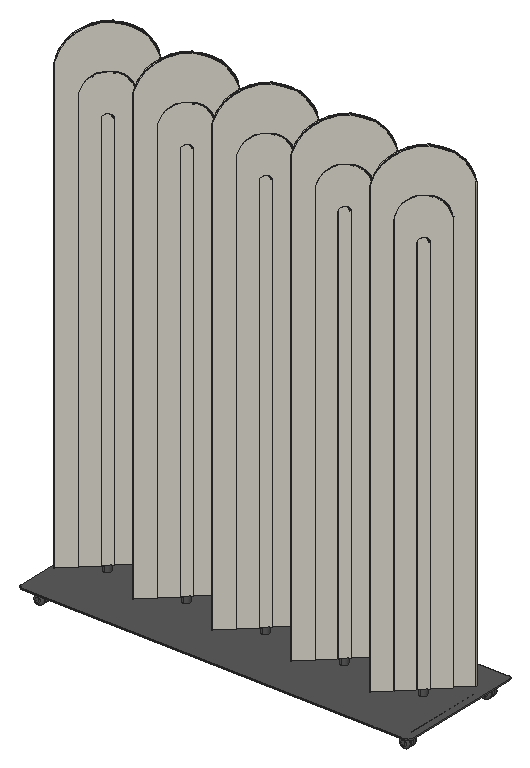
Revit family "Haworth_BuzziBlinds_Screen_Arch", category Furniture, Revit 2018
Family settings
  OmniClass Number = 23.40.20.00
  OmniClass Title = General Furniture and Specialties
  Work Plane-Based = No
  Always vertical = Yes
  Cut with Voids When Loaded = No
  Shared = No
  Room Calculation Point = No
Parameters (values of type "HCBZ-BDA3-CFL - Large Screen - With Lines - With Casters")
  With Lines = yes
  Upholstery Finish [instance] = Haworth _ Fabric _ Buzzifelt _ Offwhite BFE-63
  Warranty = "http://www.haworth.com/resources/product-info/warranties"
  URL - Product = "https://www.haworth.com/products/architectural-interiors/acoustic-solutions/buzziblinds"
  URL = "http://www.haworth.com/our-brands/haworth-collection"
  Size = "Verify Final Dim. w/ Haworth"  # constant formula
  Screen Spacing = 11.811"  # constant formula
  Revision = "1"  # constant formula
  Model = "HCBZ-BD"  # constant formula
  Medium = no
  Manufacturer = "Haworth"  # constant formula
  Large = not(Medium)  # yes
  Description = "Haworth BuzziBlinds - Arch Large Screen - With Lines - With Casters"
  Casters = yes
  Base Finish [instance] = Haworth _ Paint _ Collection Black
  Author = "Haworth (Alias)"  # constant formula
  Assembly Code = "E2020200"
  Actual Width = 58.660"  # constant formula
  Actual Height = if(Large, 72.830", 59.060")  # 72.830"
  Actual Depth = 19.290"  # constant formula
Types (9): name | With Lines | Medium | Large | Description | Casters | Actual Height
  (no name) | yes | no | yes | "Haworth BuzziBlinds - Arch Large Screen - With Lines - With Casters" | yes | 72.830"
  HCBZ-BDA3-CFL - Large Screen - With Lines - With Casters | yes | no | yes | "Haworth BuzziBlinds - Arch Large Screen - With Lines - With Casters" | yes | 72.830"
  HCBZ-BDA3-NFL - Large Screen - With Lines - Without Casters | yes | no | yes | "Haworth BuzziBlinds - Arch Large Screen - With Lines - Without Casters" | no | 72.830"
  HCBZ-BDA3-CF - Large Screen - Without Lines - With Casters | no | no | yes | "Haworth BuzziBlinds - Arch Large Screen - Without Lines - With Casters" | yes | 72.830"
  HCBZ-BDA3-N - Large Screen - Without Lines - Without Casters | no | no | yes | "Haworth BuzziBlinds - Arch Large Screen - Without Lines - Without Casters" | no | 72.830"
  HCBZ-BDA2-N - Medium Screen - Without Lines - Without Casters | no | yes | no | "Haworth BuzziBlinds - Arch Medium Screen - Without Lines - Without Casters" | no | 59.060"
  HCBZ-BDA2-CFL - Medium Screen - With Lines - With Casters | yes | yes | no | "Haworth BuzziBlinds - Arch Medium Screen - With Lines - With Casters" | yes | 59.060"
  HCBZ-BDA2-CF - Medium Screen - Without Lines - With Casters | no | yes | no | "Haworth BuzziBlinds - Arch Medium Screen - Without Lines - With Casters" | yes | 59.060"
  HCBZ-BDA2-NFL - Medium Screen - With Lines - Without Casters | yes | yes | no | "Haworth BuzziBlinds - Arch Medium Screen - With Lines - Without Casters" | no | 59.060"
Reference planes (in)
  plane 1: z = 0
  plane 2 "Center Left/Right": x = 0
  plane 3 "Left": x = -29.33
  plane 4 "Right": x = 29.33
  plane 5 "Back": y = 6.80748
  plane 6 "Front": y = -12.48252
  plane 7 "Center FB": y = -2.83752
  plane 8: x = 11.811
  plane 9: x = 23.622
  plane 10: x = -11.811
  plane 11: x = -23.622
Dimensions and locks (in)
  equal spacing: plane 3 "Left", plane 2 "Center Left/Right", plane 4 "Right"
  "Actual Width": plane 3 "Left" to plane 4 "Right"
  "Actual Depth": plane 6 "Front" to plane 5 "Back"
  equal spacing: plane 5 "Back", plane 7 "Center FB", plane 6 "Front"
  "Screen Spacing": plane 11 to plane 10
  "Screen Spacing": plane 10 to plane 2 "Center Left/Right"
  "Screen Spacing": plane 2 "Center Left/Right" to plane 8
  "Screen Spacing": plane 8 to plane 9
  aligned and locked: plane 1 to nested 1
  aligned and locked: plane 7 "Center FB" to nested 1
  aligned and locked: plane 2 "Center Left/Right" to nested 1
  aligned and locked: plane 7 "Center FB" to nested 2
  aligned and locked: plane 7 "Center FB" to nested 3
  aligned and locked: plane 7 "Center FB" to nested 4
  aligned and locked: plane 7 "Center FB" to nested 5
  aligned and locked: plane 7 "Center FB" to nested 6
  aligned and locked: nested 2 to nested 1
  aligned and locked: nested 6 to nested 1
  aligned and locked: nested 5 to nested 1
  aligned and locked: nested 4 to nested 1
  aligned and locked: nested 3 to nested 1
  aligned and locked: nested 2 to plane 11
  aligned and locked: nested 3 to plane 10
  aligned and locked: plane 2 "Center Left/Right" to nested 4
  aligned and locked: plane 8 to nested 5
  aligned and locked: plane 9 to nested 6
Nested families (in)
  nested 1: "Haworth_BuzziBlinds_StraightBase_PART" at (0, 0, 0), type "Straight Base"
  nested 2: "Haworth_BuzziBlinds_ArchScreen_Part" at (-23.622, 0, 0), type "Screen"
  nested 3: "Haworth_BuzziBlinds_ArchScreen_Part" at (-11.811, 0, 0), type "Screen"
  nested 4: "Haworth_BuzziBlinds_ArchScreen_Part" at (0, 0, 0), type "Screen"
  nested 5: "Haworth_BuzziBlinds_ArchScreen_Part" at (11.811, 0, 0), type "Screen"
  nested 6: "Haworth_BuzziBlinds_ArchScreen_Part" at (23.622, 0, 0), type "Screen"
Definition of nested family "Haworth_BuzziBlinds_StraightBase_PART"
  Parameters (values of type "Straight Base")
    Warranty = "http://www.haworth.com/resources/product-info/warranties"
    URL - Product = "https://www.haworth.com/products/architectural-interiors/acoustic-solutions/buzziblinds"
    URL = "http://www.haworth.com/our-brands/haworth-collection"
    Size = "Verify Final Dim. w/ Haworth"  # constant formula
    Revision = "1"  # constant formula
    Model = "HCBZ-BD"  # constant formula
    Manufacturer = "Haworth"  # constant formula
    Description = "Haworth - BuzziBlinds - Base Part"
    Casters = yes
    Caster Finish = none
    Base Offset = if(Casters, 1.430", 0.000")  # 1.430"
    Base Finish = none
    Author = "Haworth (Alias)"  # constant formula
    Assembly Code = "E2020200"
    Arc Radius = 0.750"  # constant formula
    Actual Width = 58.660"
    Actual Depth = 19.290"
  Reference planes (in)
    plane 1: z = 0
    plane 2 "Center Left/Right": x = 0
    plane 3 "Left": x = -29.33
    plane 4 "Right": x = 29.33
    plane 5 "Back": y = 6.80748
    plane 6 "Front": y = -12.48252
    plane 7 "Center FB": y = -2.83752
    plane 8: x = 28.1425
    plane 9: x = -28.1425
    plane 10: z = 1.43
    plane 11 "Middle Base": z = 2.244
    plane 12 "Top Base": z = 2.36211
    plane 13 "Caster Front": y = -10.38976
    plane 14 "Caster Back": y = 4.71473
    plane 15 "Caster Right": x = -27.36243
    plane 16 "Caster Left": x = 27.36243
  Forms (in)
    Extrusion 1, solid, material <- "Base Finish"
      sketch origin (0, 0, 0) x (1, 0, 0) y (0, 1, 0)
        loop
          arc (-28.58, 6.80748) -> (-29.11033, 6.58781) -> (-29.33, 6.05748) r 0.75
          line (-29.33, 6.05748) -> (-29.33, -11.73252)
          arc (-29.33, -11.73252) -> (-29.11033, -12.26285) -> (-28.58, -12.48252) r 0.75
          line (-28.58, -12.48252) -> (28.58, -12.48252)
          arc (28.58, -12.48252) -> (29.11033, -12.26285) -> (29.33, -11.73252) r 0.75
          line (29.33, -11.73252) -> (29.33, 6.05748)
          arc (29.33, 6.05748) -> (29.11033, 6.58781) -> (28.58, 6.80748) r 0.75
          line (28.58, 6.80748) -> (-28.58, 6.80748)
      from 2.244 to 2.36211
    Extrusion 2, solid, material <- "Base Finish"
      sketch origin (0, 0, 8.6974) x (0, -1, 0) y (1, 0, 0)
        loop
          line (-5.62705, 27.3925) -> (-5.62705, -27.3925)
          arc (-5.62705, -27.3925) -> (-5.40738, -27.92283) -> (-4.87705, -28.1425) r 0.75
          line (-4.87705, -28.1425) -> (10.55208, -28.1425)
          arc (10.55208, -28.1425) -> (11.08241, -27.92283) -> (11.30208, -27.3925) r 0.75
          line (11.30208, -27.3925) -> (11.30208, 27.3925)
          arc (11.30208, 27.3925) -> (11.08241, 27.92283) -> (10.55208, 28.1425) r 0.75
          line (10.55208, 28.1425) -> (-4.87705, 28.1425)
          arc (-4.87705, 28.1425) -> (-5.40738, 27.92283) -> (-5.62705, 27.3925) r 0.75
      from -7.2674 to -6.4534
  Lines and regions (in)
    Masking region 1
      outline origin (0, 0, 8.6974) x (0, -1, 0) y (1, 0, 0)
        loop
          arc (-6.80748, -28.58) -> (-6.58781, -29.11033) -> (-6.05748, -29.33) r 0.75
          line (-6.05748, -29.33) -> (11.73252, -29.33)
          arc (11.73252, -29.33) -> (12.26285, -29.11033) -> (12.48252, -28.58) r 0.75
          line (12.48252, -28.58) -> (12.48252, 28.58)
          arc (12.48252, 28.58) -> (12.26285, 29.11033) -> (11.73252, 29.33) r 0.75
          line (11.73252, 29.33) -> (-6.05748, 29.33)
          arc (-6.05748, 29.33) -> (-6.58781, 29.11033) -> (-6.80748, 28.58) r 0.75
          line (-6.80748, 28.58) -> (-6.80748, -28.58)
  Dimensions and locks (in)
    equal spacing: plane 3 "Left", plane 2 "Center Left/Right", plane 4 "Right"
    "Actual Width": plane 3 "Left" to plane 4 "Right"
    "Actual Depth": plane 6 "Front" to plane 5 "Back"
    equal spacing: plane 5 "Back", plane 7 "Center FB", plane 6 "Front"
    locked: plane 9 to plane 3 "Left" at 1.1875
    locked: plane 8 to plane 4 "Right" at 1.1875
    locked: plane 5 "Back" to Extrusion 2 sketch curve at 1.18043
    locked: plane 6 "Front" to Extrusion 2 sketch curve at 1.18043
    locked: plane 3 "Left" to plane 15 "Caster Right" at 1.96757
    locked: plane 16 "Caster Left" to plane 4 "Right" at 1.96757
    locked: plane 14 "Caster Back" to plane 5 "Back" at 2.09276
    locked: plane 13 "Caster Front" to plane 6 "Front" at 2.09276
    locked: plane 12 "Top Base" to plane 11 "Middle Base" at 0.11811
    locked: plane 11 "Middle Base" to plane 10 at 0.814
    "Base Offset": plane 10 to plane 1
    "Arc Radius": radius of Extrusion 1 sketch curve  (x4)
    "Arc Radius": radius of Extrusion 2 sketch curve  (x4)
    aligned and locked: Extrusion 1 sketch curve to plane 5 "Back"
    aligned and locked: Extrusion 1 sketch curve to plane 6 "Front"
    aligned and locked: plane 4 "Right" to Extrusion 1 sketch curve
    aligned and locked: plane 3 "Left" to Extrusion 1 sketch curve
    aligned and locked: plane 12 "Top Base" to Extrusion 1
    aligned and locked: Extrusion 1 to plane 11 "Middle Base"
    aligned and locked: Extrusion 2 sketch curve to plane 9
    aligned and locked: Extrusion 2 sketch curve to plane 8
    aligned and locked: Extrusion 2 to plane 10
    aligned and locked: plane 11 "Middle Base" to Extrusion 2
    aligned and locked: nested 1 to plane 13 "Caster Front"
    aligned and locked: plane 15 "Caster Right" to nested 1
    aligned and locked: plane 14 "Caster Back" to nested 2
    aligned and locked: plane 15 "Caster Right" to nested 2
    aligned and locked: plane 14 "Caster Back" to nested 3
    aligned and locked: nested 3 to plane 16 "Caster Left"
    aligned and locked: nested 4 to plane 13 "Caster Front"
    aligned and locked: nested 4 to plane 16 "Caster Left"
    aligned and locked: plane 1 to nested 1
    aligned and locked: plane 1 to nested 2
    aligned and locked: plane 1 to nested 4
    aligned and locked: plane 1 to nested 3
    aligned and locked: Masking region 1 sketch curve to plane 6 "Front"
    aligned and locked: Masking region 1 sketch curve to plane 5 "Back"
    aligned and locked: plane 3 "Left" to Masking region 1 sketch curve
    aligned and locked: plane 4 "Right" to Masking region 1 sketch curve
  Automatic sketch dimensions
    Masking region 1 sketch curve to plane 8 = 0.4375"
    Masking region 1 sketch curve to plane 5 "Back" = 0.750"
    Masking region 1 sketch curve to plane 6 "Front" = 0.750"  (x2)
  Nested families (in)
    nested 1: "Haworth_BuzziBlinds_Casters_PART" at (-27.36243, -10.38976, 0), visible <- "Casters", type "Casters"
    nested 2: "Haworth_BuzziBlinds_Casters_PART" at (-27.36243, 4.71473, 0), visible <- "Casters", type "Casters"
    nested 3: "Haworth_BuzziBlinds_Casters_PART" at (27.36243, 4.71473, 0), visible <- "Casters", type "Casters"
    nested 4: "Haworth_BuzziBlinds_Casters_PART" at (27.36243, -10.38976, 0), visible <- "Casters", type "Casters"
  Definition of nested family "Haworth_BuzziBlinds_Casters_PART"
    Parameters (values of type "Casters")
      Warranty = "http://www.haworth.com/product-info/warranties"
      Version = "1"  # constant formula
      URL - Product = "https://www.haworth.com/products/architectural-interiors/acoustic-solutions/buzziblinds"
      URL = "http://www.haworth.com/our-brands/haworth-collection"
      Size = "Verify Final Dim. w/ Haworth"  # constant formula
      Model = "HCBZ-BD"  # constant formula
      Manufacturer = "Haworth"  # constant formula
      Description = "Haworth BuzziBlinds - Casters Part"
      Caster Finish = none
      Author = "Haworth (Alias)"  # constant formula
      Assembly Code = "E2020200"
    Reference planes (in)
      plane 1 "Center Front/Back": y = 0
      plane 2 "Bottom": z = 0
      plane 3 "Center Left/Right": x = 0
      plane 4: z = 1.77165
    Forms (in)
      Revolve 1, solid, material <- "Caster Finish"
        sketch origin (0, 0, 0) x (0, 1, 0) y (0, 0, 1)
          loop
            line (-0.74803, 0.70866) -> (0.74803, 0.70866) -> (0.74803, 1.16732)
            arc (0.74803, 1.16732) -> (0.67481, 1.3441) -> (0.49803, 1.41732) r 0.25
            line (0.49803, 1.41732) -> (0.27559, 1.41732) -> (0.27559, 0.98425) -> (-0.27559, 0.98425) -> (-0.27559, 1.41732) -> (-0.49803, 1.41732)
            arc (-0.49803, 1.41732) -> (-0.67481, 1.3441) -> (-0.74803, 1.16732) r 0.25
            line (-0.74803, 1.16732) -> (-0.74803, 0.70866)
          axis (-0.74803, 0.70866) -> (0.74803, 0.70866)
        angle from 0 to 360
      Revolve 2, solid, material <- "Caster Finish"
        sketch origin (0, 0, 0) x (0, 1, 0) y (0, 0, 1)
          loop
            line (0, 1.77165) -> (0, 0.82558) -> (0.10753, 0.82558) -> (0.10753, 1.77165) -> (0, 1.77165)
          axis (0, 1.77165) -> (0, 0.82558)
        angle from 0 to 360
    Lines and regions (in)
      Masking region 1
        outline origin (0, 0, 0) x (1, 0, 0) y (0, 1, 0)
          loop
            line (-0.27559, -0.27559) -> (-0.70866, -0.27559) -> (-0.70866, -0.49803)
            arc (-0.70866, -0.49803) -> (-0.63544, -0.67481) -> (-0.45866, -0.74803) r 0.25
            line (-0.45866, -0.74803) -> (0.45866, -0.74803)
            arc (0.45866, -0.74803) -> (0.63544, -0.67481) -> (0.70866, -0.49803) r 0.25
            line (0.70866, -0.49803) -> (0.70866, -0.27559) -> (0.27559, -0.27559) -> (0.27559, 0.27559) -> (0.70866, 0.27559) -> (0.70866, 0.49803)
            arc (0.70866, 0.49803) -> (0.63544, 0.67481) -> (0.45866, 0.74803) r 0.25
            line (0.45866, 0.74803) -> (-0.45866, 0.74803)
            arc (-0.45866, 0.74803) -> (-0.63544, 0.67481) -> (-0.70866, 0.49803) r 0.25
            line (-0.70866, 0.49803) -> (-0.70866, 0.27559) -> (-0.27559, 0.27559) -> (-0.27559, -0.27559)
    Dimensions and locks (in)
      locked: plane 4 to plane 2 "Bottom" at 1.77165
      aligned and locked: level to plane 2 "Bottom"
Definition of nested family "Haworth_BuzziBlinds_ArchScreen_Part"
  Parameters (values of type "Screen")
    With Lines = yes
    Upholstery Finish = none
    Warranty = "http://www.haworth.com/resources/product-info/warranties"
    URL - Product = "https://www.haworth.com/products/architectural-interiors/acoustic-solutions/buzziblinds"
    URL = "http://www.haworth.com/our-brands/haworth-collection"
    Size = "Verify Final Dim. w/ Haworth"  # constant formula
    Revision = "1"  # constant formula
    Model = "HCBZ-BD"  # constant formula
    Medium = yes
    Manufacturer = "Haworth"  # constant formula
    Large = yes
    Description = "Haworth - BuzziBlinds - Screen Part"
    Base Finish = none
    Author = "Haworth (Alias)"  # constant formula
    Assembly Code = "E2020200"
    Actual Height = if(Large, 72.830", 59.060")  # 72.830"
  Reference planes (in)
    plane 1: z = 0
    plane 2 "Center Left/Right": x = 0
    plane 3 "Center FB": y = -2.83752
    plane 4 "Screen Bottom": z = 2.36211
    plane 5 "Screen Top": z = 76.0085
    plane 6: z = 3.1785
    plane 7 "Middle Screen": through (4.37098, 1.53289, 48) normal (0.7071, -0.7071, 0)
  Dimensions and locks (in)
    locked: plane 6 to plane 4 "Screen Bottom" at 0.81639
    "Actual Height": plane 5 "Screen Top" to plane 6
    aligned and locked: plane 3 "Center FB" to nested 1
    aligned and locked: plane 3 "Center FB" to nested 2
    aligned and locked: plane 2 "Center Left/Right" to nested 1
    aligned and locked: plane 2 "Center Left/Right" to nested 2
  Nested families (in)
    nested 1: "Haworth_BuzziBlinds_ArchScreen_Large_Part" at (0, 0, 0), visible <- "Large", type "Screen"
    nested 2: "Haworth_BuzziBlinds_ArchScreen_Medium_Part" at (0, 0, 0), visible <- "Medium", type "Screen"
  Definition of nested family "Haworth_BuzziBlinds_ArchScreen_Large_Part"
    Parameters (values of type "Screen")
      With Lines = yes
      Upholstery Finish = none
      Warranty = "http://www.haworth.com/resources/product-info/warranties"
      URL - Product = "https://www.haworth.com/products/architectural-interiors/acoustic-solutions/buzziblinds"
      URL = "http://www.haworth.com/our-brands/haworth-collection"
      Size = "Verify Final Dim. w/ Haworth"  # constant formula
      Revision = "1"  # constant formula
      Model = "HCBZ-BD"  # constant formula
      Manufacturer = "Haworth"  # constant formula
      Large Line Dimension = if(With Lines, 1.100", 0.500")  # 1.100"
      Description = "Haworth - BuzziBlinds - Screen Part"
      Base Finish = none
      Author = "Haworth (Alias)"  # constant formula
      Assembly Code = "E2020200"
      Actual Height = 72.830"  # constant formula
    Reference planes (in)
      plane 1: z = 0
      plane 2 "Center Left/Right": x = 0
      plane 3 "Center FB": y = -2.83752
      plane 4 "Screen Bottom": z = 2.36211
      plane 5 "Screen Top": z = 76.0085
      plane 6: z = 3.1785
      plane 7 "Middle Screen": through (4.37098, 1.53289, 48) normal (0.7071, -0.7071, 0)
      plane 8 "Void 1 Start": through (-4.42183, -9.02799, 48) normal (-0.7071, 0.7071, 0)
      plane 9 "Large Void 1 End": through (-4.44014, -7.49067, 48) normal (-0.7071, 0.7071, 0)
      plane 10 "Void 2 Start": through (-6.1899, -7.25993, 48) normal (-0.7071, 0.7071, 0)
      plane 11 "Large Void 2 End": through (-4.65257, -7.27824, 48) normal (-0.7071, 0.7071, 0)
    Forms (in)
      Revolve 1, solid, material <- "Base Finish"
        sketch origin (0, 0, 0) x (0, 1, 0) y (0, 0, 1)
          loop
            line (-2.83752, 3.1785) -> (-2.83752, 2.36211) -> (-2.34547, 2.36211) -> (-2.34547, 3.1785) -> (-2.83752, 3.1785)
          axis (-2.83752, 3.1785) -> (-2.83752, 2.36211)
        angle from 0 to 360
      Blend 2, solid, material <- "Upholstery Finish"
        base sketch origin (0, 0, 0) x (1, 0, 0) y (0, 1, 0)
          loop
            line (4.3739, 1.53368) -> (-4.3685, -7.20505)
            arc (-4.3685, -7.20505) -> (-4.36853, -7.3729) -> (-4.20068, -7.37291) r 0.11868
            line (-4.20068, -7.37291) -> (4.53981, 1.36771)
            arc (4.53981, 1.36771) -> (4.53781, 1.53162) -> (4.3739, 1.53368) r 0.11737
        top sketch origin (0, 0, 0) x (1, 0, 0) y (0, 1, 0)
          loop
            line (4.3739, 1.53368) -> (-4.3685, -7.20505)
            arc (-4.3685, -7.20505) -> (-4.36853, -7.3729) -> (-4.20068, -7.37291) r 0.11868
            line (-4.20068, -7.37291) -> (4.53981, 1.36771)
            arc (4.53981, 1.36771) -> (4.53781, 1.53162) -> (4.3739, 1.53368) r 0.11737
        from 3.1785 to 76.0085
      Extrusion 3, void
        sketch origin (1.41905, -1.41905, 0) x (0.707107, 0.707107, 0) y (0, 0, 1)
          loop
            line (-5.5528, 65.90807) -> (-5.55096, 2.66414) -> (-5.4157, 2.66414) -> (-5.41771, 65.91358)
            arc (-5.41771, 65.91358) -> (-2.00838, 69.32303) -> (1.40096, 65.91358) r 3.40933
            line (1.40096, 65.91358) -> (1.39894, 2.66414) -> (1.53419, 2.66414) -> (1.53601, 65.90807)
            arc (1.53601, 65.90807) -> (-2.0084, 69.45257) -> (-5.5528, 65.90807) r 3.5444
          loop
            line (-2.85267, 62.9123) -> (-2.85186, 2.66414) -> (-2.71615, 2.66414) -> (-2.71655, 62.92121)
            arc (-2.71655, 62.92121) -> (-2.00838, 63.62938) -> (-1.30022, 62.92121) r 0.70817
            line (-1.30022, 62.92121) -> (-1.30062, 2.66414) -> (-1.1649, 2.66414) -> (-1.1641, 62.9123)
            arc (-1.1641, 62.9123) -> (-2.00838, 63.7566) -> (-2.85267, 62.9123) r 0.84428
        from 0.15021 to 1.25021
      Blend 4, solid, material <- "Upholstery Finish"
        base sketch origin (2.8381, -2.8381, 0) x (0, 1, 0) y (-1, 0, 0)
          loop
            arc (4.3739, -1.53368) -> (4.53781, -1.53162) -> (4.53981, -1.36771) r 0.11737
            line (4.53981, -1.36771) -> (-4.20068, 7.37291)
            arc (-4.20068, 7.37291) -> (-4.36853, 7.3729) -> (-4.3685, 7.20505) r 0.11868
            line (-4.3685, 7.20505) -> (4.3739, -1.53368)
        top sketch origin (2.8381, -2.8381, 0) x (0, 1, 0) y (-1, 0, 0)
          loop
            arc (4.3739, -1.53368) -> (4.53781, -1.53162) -> (4.53981, -1.36771) r 0.11737
            line (4.53981, -1.36771) -> (-4.20068, 7.37291)
            arc (-4.20068, 7.37291) -> (-4.36853, 7.3729) -> (-4.3685, 7.20505) r 0.11868
            line (-4.3685, 7.20505) -> (4.3739, -1.53368)
        from 3.1785 to 76.0085
      Extrusion 5, void
        sketch origin (1.41905, -1.41905, 0) x (0.707107, 0.707107, 0) y (0, 0, 1)
          loop
            line (5.20835, 77.09276) -> (-9.21906, 77.09276) -> (-9.21906, 69.59276) -> (-8.32974, 69.59276)
            arc (-8.32974, 69.59276) -> (-2.00535, 75.91714) -> (4.31903, 69.59276) r 6.32438
            line (4.31903, 69.59276) -> (5.20835, 69.59276) -> (5.20835, 77.09276)
        from -1.5 to 1.5
      Extrusion 6, void
        sketch origin (1.41905, -1.41905, 0) x (0.707107, 0.707107, 0) y (0, 0, -1)
          loop
            arc (-5.5528, -65.90807) -> (-2.0084, -69.45257) -> (1.53601, -65.90807) r 3.5444
            line (1.53601, -65.90807) -> (1.53419, -2.66414) -> (1.39894, -2.66414) -> (1.40096, -65.91358)
            arc (1.40096, -65.91358) -> (-2.00838, -69.32303) -> (-5.41771, -65.91358) r 3.40933
            line (-5.41771, -65.91358) -> (-5.4157, -2.66414) -> (-5.55096, -2.66414) -> (-5.5528, -65.90807)
          loop
            arc (-2.85267, -62.9123) -> (-2.00838, -63.7566) -> (-1.1641, -62.9123) r 0.84428
            line (-1.1641, -62.9123) -> (-1.1649, -2.66414) -> (-1.30062, -2.66414) -> (-1.30022, -62.92121)
            arc (-1.30022, -62.92121) -> (-2.00838, -63.62938) -> (-2.71655, -62.92121) r 0.70817
            line (-2.71655, -62.92121) -> (-2.71615, -2.66414) -> (-2.85186, -2.66414) -> (-2.85267, -62.9123)
        from 0.15021 to 1.25021
    Cuts and joins
      Extrusion 3, Extrusion 5, Extrusion 6 cuts Blend 2
      Extrusion 5, Extrusion 6 cuts Blend 4
    Lines and regions (in)
      Masking region 1
        outline origin (0, 0, 8.6974) x (0, -1, 0) y (1, 0, 0)
          loop
            arc (-1.53164, 4.37181) -> (-1.53265, 4.53677) -> (-1.36771, 4.53981) r 0.11737
            line (-1.36771, 4.53981) -> (7.37291, -4.20068)
            arc (7.37291, -4.20068) -> (7.37842, -4.36263) -> (7.21721, -4.37912) r 0.11868
            arc (7.21721, -4.37912) -> (7.20073, -4.54032) -> (7.03878, -4.53481) r 0.11868
            line (7.03878, -4.53481) -> (-1.70171, 4.20581)
            arc (-1.70171, 4.20581) -> (-1.69867, 4.37075) -> (-1.53371, 4.36974) r 0.11737
    Dimensions and locks (in)
      locked: plane 6 to plane 4 "Screen Bottom" at 0.81639
      "Actual Height": plane 5 "Screen Top" to plane 6
      "Large Line Dimension": plane 9 "Large Void 1 End" to plane 8 "Void 1 Start"
      "Large Line Dimension": plane 11 "Large Void 2 End" to plane 10 "Void 2 Start"
      aligned and locked: Blend 2 to plane 6
      aligned and locked: plane 5 "Screen Top" to Blend 2
      aligned and locked: Extrusion 3 to plane 8 "Void 1 Start"
      aligned and locked: plane 9 "Large Void 1 End" to Extrusion 3
      aligned and locked: Extrusion 6 to plane 10 "Void 2 Start"
      aligned and locked: plane 11 "Large Void 2 End" to Extrusion 6
    Automatic sketch dimensions
      Revolve 1 sketch curve to plane 3 "Center FB" = 0.000"  (x2)
      Revolve 1 sketch curve to plane 6 = 0.000"
      plane 4 "Screen Bottom" to Revolve 1 sketch curve = 0.000"
      Revolve 1 sketch curve to plane 3 "Center FB" = 0.49205"
      plane 4 "Screen Bottom" to Revolve 1 sketch curve = 0.93211"
      plane 6 to Revolve 1 sketch curve = 0.29688"
      Blend 2 sketch curve to plane 2 "Center Left/Right" = 4.3685"  (x2)
      Blend 2 sketch curve to Blend 2 sketch curve = 0.0839"  (x2)
      Blend 2 sketch curve to Blend 2 sketch curve = 0.08392"  (x4)
      plane 2 "Center Left/Right" to Blend 2 sketch curve = 4.3739"  (x2)
      Blend 2 sketch curve to Blend 2 sketch curve = 0.0809"  (x2)
      Blend 2 sketch curve to Blend 2 sketch curve = 0.08501"  (x2)
      plane 3 "Center FB" to Blend 2 sketch curve = 4.5354"  (x2)
      Blend 2 sketch curve to plane 3 "Center FB" = 4.20522"  (x2)
      Blend 2 sketch curve to Blend 2 sketch curve = 0.08093"  (x2)
      plane 7 "Middle Screen" to Masking region 1 sketch curve = 0.000"
      Masking region 1 sketch curve to plane 3 "Center FB" = 4.53922"
      Masking region 1 sketch curve to Masking region 1 sketch curve = 0.08501"  (x2)
      Masking region 1 sketch curve to Masking region 1 sketch curve = 0.16806"  (x2)
      Masking region 1 sketch curve to Masking region 1 sketch curve = 0.08093"  (x2)
      plane 3 "Center FB" to Masking region 1 sketch curve = 4.20126"
      Masking region 1 sketch curve to Masking region 1 sketch curve = 0.08392"  (x3)
      Masking region 1 sketch curve to Masking region 1 sketch curve = 0.16629"
      Masking region 1 sketch curve to plane 2 "Center Left/Right" = 4.53481"
      Masking region 1 sketch curve to Masking region 1 sketch curve = 0.09452"
      plane 2 "Center Left/Right" to Masking region 1 sketch curve = 4.20581"
      Masking region 1 sketch curve to Masking region 1 sketch curve = 0.08299"
      Masking region 1 sketch curve to Masking region 1 sketch curve = 0.00207"
      Extrusion 3 sketch curve to plane 5 "Screen Top" = 10.10044"
      Extrusion 3 sketch curve to plane 4 "Screen Bottom" = 0.30203"  (x4)
      Extrusion 3 sketch curve to Extrusion 3 sketch curve = 0.00184"
      Extrusion 3 sketch curve to plane 5 "Screen Top" = 10.09492"
      Extrusion 3 sketch curve to Extrusion 3 sketch curve = 0.13508"
      Extrusion 3 sketch curve to Extrusion 3 sketch curve = 0.13526"  (x2)
      Extrusion 3 sketch curve to plane 5 "Screen Top" = 13.0962"
      Extrusion 3 sketch curve to Extrusion 3 sketch curve = 2.56505"
      Extrusion 3 sketch curve to Extrusion 3 sketch curve = 2.56384"  (x2)
      Extrusion 3 sketch curve to plane 5 "Screen Top" = 13.08729"
      Extrusion 3 sketch curve to Extrusion 3 sketch curve = 0.13611"
      Extrusion 3 sketch curve to Extrusion 3 sketch curve = 0.13571"  (x2)
      Extrusion 3 sketch curve to Extrusion 3 sketch curve = 0.70816"
      Extrusion 3 sketch curve to Extrusion 3 sketch curve = 0.70817"
      Extrusion 3 sketch curve to Extrusion 3 sketch curve = 0.000"
      Extrusion 3 sketch curve to Extrusion 3 sketch curve = 0.00002"
      Extrusion 3 sketch curve to Extrusion 3 sketch curve = 1.41554"
      Extrusion 3 sketch curve to Extrusion 3 sketch curve = 0.00891"  (x2)
      Extrusion 3 sketch curve to Extrusion 3 sketch curve = 0.0089"  (x2)
      Extrusion 3 sketch curve to Extrusion 3 sketch curve = 2.99576"
      Extrusion 3 sketch curve to Extrusion 3 sketch curve = 2.98695"
      Extrusion 3 sketch curve to Extrusion 3 sketch curve = 0.00552"  (x2)
      Blend 4 sketch curve to plane 3 "Center FB" = 4.36909"  (x2)
      Blend 4 sketch curve to Blend 4 sketch curve = 0.0839"  (x2)
      Blend 4 sketch curve to Blend 4 sketch curve = 0.08392"  (x4)
      plane 3 "Center FB" to Blend 4 sketch curve = 4.37332"  (x2)
      Blend 4 sketch curve to Blend 4 sketch curve = 0.0809"  (x2)
      Blend 4 sketch curve to Blend 4 sketch curve = 0.08501"  (x2)
      plane 2 "Center Left/Right" to Blend 4 sketch curve = 4.53481"  (x2)
      Blend 4 sketch curve to plane 2 "Center Left/Right" = 4.20581"  (x2)
      Blend 4 sketch curve to Blend 4 sketch curve = 0.08093"  (x2)
      plane 5 "Screen Top" to Extrusion 5 sketch curve = 1.08425"
      Extrusion 5 sketch curve to Extrusion 5 sketch curve = 0.88932"  (x2)
      Extrusion 5 sketch curve to Extrusion 5 sketch curve = 6.32438"
      Extrusion 5 sketch curve to plane 5 "Screen Top" = 6.41575"
      Extrusion 6 sketch curve to plane 5 "Screen Top" = 10.10044"
      Extrusion 6 sketch curve to plane 4 "Screen Bottom" = 0.30203"  (x4)
      Extrusion 6 sketch curve to Extrusion 6 sketch curve = 0.00184"
      Extrusion 6 sketch curve to plane 5 "Screen Top" = 10.09492"
      Extrusion 6 sketch curve to Extrusion 6 sketch curve = 0.13508"
      Extrusion 6 sketch curve to Extrusion 6 sketch curve = 0.13526"  (x2)
      Extrusion 6 sketch curve to plane 5 "Screen Top" = 13.0962"
      Extrusion 6 sketch curve to Extrusion 6 sketch curve = 2.56505"
      Extrusion 6 sketch curve to Extrusion 6 sketch curve = 2.56384"  (x2)
      Extrusion 6 sketch curve to plane 5 "Screen Top" = 13.08729"
      Extrusion 6 sketch curve to Extrusion 6 sketch curve = 0.13611"
      Extrusion 6 sketch curve to Extrusion 6 sketch curve = 0.13571"  (x2)
      Extrusion 6 sketch curve to Extrusion 6 sketch curve = 0.70816"
      Extrusion 6 sketch curve to Extrusion 6 sketch curve = 0.70817"
      Extrusion 6 sketch curve to Extrusion 6 sketch curve = 0.000"  (x3)
      Extrusion 6 sketch curve to Extrusion 6 sketch curve = 0.00002"
      Extrusion 6 sketch curve to Extrusion 6 sketch curve = 1.41554"
      Extrusion 6 sketch curve to Extrusion 6 sketch curve = 2.99248"
      Extrusion 6 sketch curve to Extrusion 6 sketch curve = 0.00011"
      Extrusion 6 sketch curve to Extrusion 6 sketch curve = 0.00552"  (x2)
      Extrusion 6 sketch curve to Extrusion 6 sketch curve = 0.0089"
      Extrusion 6 sketch curve to Extrusion 6 sketch curve = 0.00891"
  Definition of nested family "Haworth_BuzziBlinds_ArchScreen_Medium_Part"
    Parameters (values of type "Screen")
      With Lines = yes
      Upholstery Finish = none
      Warranty = "http://www.haworth.com/resources/product-info/warranties"
      URL - Product = "https://www.haworth.com/products/architectural-interiors/acoustic-solutions/buzziblinds"
      URL = "http://www.haworth.com/our-brands/haworth-collection"
      Size = "Verify Final Dim. w/ Haworth"  # constant formula
      Revision = "1"  # constant formula
      Model = "HCBZ-BD"  # constant formula
      Medium Line Dimension = if(With Lines, 1.100", 0.500")  # 1.100"
      Manufacturer = "Haworth"  # constant formula
      Description = "Haworth - BuzziBlinds - Screen Part"
      Base Finish = none
      Author = "Haworth (Alias)"  # constant formula
      Assembly Code = "E2020200"
      Actual Height = 59.060"  # constant formula
    Reference planes (in)
      plane 1: z = 0
      plane 2 "Center Left/Right": x = 0
      plane 3 "Center FB": y = -2.83752
      plane 4 "Screen Bottom": z = 2.36211
      plane 5 "Screen Top": z = 62.2385
      plane 6: z = 3.1785
      plane 7 "Middle Screen": through (4.37098, 1.53289, 48) normal (0.7071, -0.7071, 0)
      plane 8 "Void 1 Start": through (-4.42183, -9.02799, 48) normal (-0.7071, 0.7071, 0)
      plane 9 "Void 2 Start": through (-6.1899, -7.25993, 48) normal (-0.7071, 0.7071, 0)
      plane 10 "Medium Void 1 End": through (-5.19965, -8.25018, 48) normal (-0.7071, 0.7071, 0)
      plane 11 "Medium Void 2 End": through (5.48203, 2.85636, 48) normal (0.7071, -0.7071, 0)
    Forms (in)
      Revolve 1, solid, material <- "Base Finish"
        sketch origin (0, 0, 0) x (0, 1, 0) y (0, 0, 1)
          loop
            line (-2.83752, 3.1785) -> (-2.83752, 2.36211) -> (-2.34547, 2.36211) -> (-2.34547, 3.1785) -> (-2.83752, 3.1785)
          axis (-2.83752, 3.1785) -> (-2.83752, 2.36211)
        angle from 0 to 360
      Blend 2, solid, material <- "Upholstery Finish"
        base sketch origin (0, 0, 0) x (1, 0, 0) y (0, 1, 0)
          loop
            line (4.3739, 1.53368) -> (-4.3685, -7.20505)
            arc (-4.3685, -7.20505) -> (-4.36853, -7.3729) -> (-4.20068, -7.37291) r 0.11868
            line (-4.20068, -7.37291) -> (4.53981, 1.36771)
            arc (4.53981, 1.36771) -> (4.53781, 1.53162) -> (4.3739, 1.53368) r 0.11737
        top sketch origin (0, 0, 0) x (1, 0, 0) y (0, 1, 0)
          loop
            line (4.3739, 1.53368) -> (-4.3685, -7.20505)
            arc (-4.3685, -7.20505) -> (-4.36853, -7.3729) -> (-4.20068, -7.37291) r 0.11868
            line (-4.20068, -7.37291) -> (4.53981, 1.36771)
            arc (4.53981, 1.36771) -> (4.53781, 1.53162) -> (4.3739, 1.53368) r 0.11737
        from 3.1785 to 62.2385
      Blend 3, solid, material <- "Upholstery Finish"
        base sketch origin (2.8381, -2.8381, 0) x (0, 1, 0) y (-1, 0, 0)
          loop
            arc (4.3739, -1.53368) -> (4.53781, -1.53162) -> (4.53981, -1.36771) r 0.11737
            line (4.53981, -1.36771) -> (-4.20068, 7.37291)
            arc (-4.20068, 7.37291) -> (-4.36853, 7.3729) -> (-4.3685, 7.20505) r 0.11868
            line (-4.3685, 7.20505) -> (4.3739, -1.53368)
        top sketch origin (2.8381, -2.8381, 0) x (0, 1, 0) y (-1, 0, 0)
          loop
            arc (4.3739, -1.53368) -> (4.53781, -1.53162) -> (4.53981, -1.36771) r 0.11737
            line (4.53981, -1.36771) -> (-4.20068, 7.37291)
            arc (-4.20068, 7.37291) -> (-4.36853, 7.3729) -> (-4.3685, 7.20505) r 0.11868
            line (-4.3685, 7.20505) -> (4.3739, -1.53368)
        from 3.1785 to 62.2385
      Extrusion 4, void
        sketch origin (1.41905, -1.41905, 0) x (0.707107, 0.707107, 0) y (0, 0, -1)
          loop
            arc (-5.536, -53.38975) -> (-1.9916, -56.93426) -> (1.5528, -53.38976) r 3.5444
            line (1.5528, -53.38976) -> (1.55135, -2.64583) -> (1.41613, -2.64583) -> (1.41775, -53.39527)
            arc (1.41775, -53.39527) -> (-1.99158, -56.80471) -> (-5.40092, -53.39527) r 3.40933
            line (-5.40092, -53.39527) -> (-5.3993, -2.64583) -> (-5.53453, -2.64583) -> (-5.536, -53.38975)
          loop
            arc (-2.83587, -51.45603) -> (-1.99159, -52.30032) -> (-1.1473, -51.45603) r 0.84428
            line (-1.1473, -51.45603) -> (-1.14795, -2.64583) -> (-1.28374, -2.64583) -> (-1.28342, -51.4918)
            arc (-1.28342, -51.4918) -> (-1.99159, -52.19997) -> (-2.69975, -51.4918) r 0.70817
            line (-2.69975, -51.4918) -> (-2.69943, -2.64583) -> (-2.83522, -2.64583) -> (-2.83587, -51.45603)
        from 0.15021 to 1.25021
      Extrusion 5, void
        sketch origin (1.41905, -1.41905, 0) x (0.707107, 0.707107, 0) y (0, 0, 1)
          loop
            line (5.20728, 63.29742) -> (-9.22013, 63.29742) -> (-9.22013, 55.79742) -> (-8.33081, 55.79742)
            arc (-8.33081, 55.79742) -> (-2.00642, 62.1218) -> (4.31796, 55.79742) r 6.32438
            line (4.31796, 55.79742) -> (5.20728, 55.79742) -> (5.20728, 63.29742)
        from -1.5 to 1.5
      Extrusion 6, void
        sketch origin (1.41905, -1.41905, 0) x (0.707107, 0.707107, 0) y (0, 0, 1)
          loop
            line (-5.536, 53.38975) -> (-5.53453, 2.64583) -> (-5.3993, 2.64583) -> (-5.40092, 53.39527)
            arc (-5.40092, 53.39527) -> (-1.99158, 56.80471) -> (1.41775, 53.39527) r 3.40933
            line (1.41775, 53.39527) -> (1.41613, 2.64583) -> (1.55135, 2.64583) -> (1.5528, 53.38976)
            arc (1.5528, 53.38976) -> (-1.9916, 56.93426) -> (-5.536, 53.38975) r 3.5444
          loop
            line (-2.83587, 51.45603) -> (-2.83522, 2.64583) -> (-2.69943, 2.64583) -> (-2.69975, 51.4918)
            arc (-2.69975, 51.4918) -> (-1.99159, 52.19997) -> (-1.28342, 51.4918) r 0.70817
            line (-1.28342, 51.4918) -> (-1.28374, 2.64583) -> (-1.14795, 2.64583) -> (-1.1473, 51.45603)
            arc (-1.1473, 51.45603) -> (-1.99159, 52.30032) -> (-2.83587, 51.45603) r 0.84428
        from 0.15021 to 1.25021
    Cuts and joins
      Extrusion 4, Extrusion 5, Extrusion 6 cuts Blend 2
      Extrusion 4, Extrusion 5, Extrusion 6 cuts Blend 3
    Lines and regions (in)
      Masking region 1
        outline origin (0, 0, 8.6974) x (0, -1, 0) y (1, 0, 0)
          loop
            arc (-1.53164, 4.37181) -> (-1.53265, 4.53677) -> (-1.36771, 4.53981) r 0.11737
            line (-1.36771, 4.53981) -> (7.37291, -4.20068)
            arc (7.37291, -4.20068) -> (7.37842, -4.36263) -> (7.21721, -4.37912) r 0.11868
            arc (7.21721, -4.37912) -> (7.20073, -4.54032) -> (7.03878, -4.53481) r 0.11868
            line (7.03878, -4.53481) -> (-1.70171, 4.20581)
            arc (-1.70171, 4.20581) -> (-1.69867, 4.37075) -> (-1.53371, 4.36974) r 0.11737
    Dimensions and locks (in)
      locked: plane 6 to plane 4 "Screen Bottom" at 0.81639
      "Actual Height": plane 5 "Screen Top" to plane 6
      "Medium Line Dimension": plane 10 "Medium Void 1 End" to plane 8 "Void 1 Start"
      "Medium Line Dimension": plane 11 "Medium Void 2 End" to plane 9 "Void 2 Start"
      aligned and locked: Blend 2 to plane 6
      aligned and locked: plane 5 "Screen Top" to Blend 2
      aligned and locked: plane 5 "Screen Top" to Blend 3
      aligned and locked: Extrusion 4 to plane 9 "Void 2 Start"
      aligned and locked: plane 11 "Medium Void 2 End" to Extrusion 4
      aligned and locked: Extrusion 6 to plane 8 "Void 1 Start"
      aligned and locked: plane 10 "Medium Void 1 End" to Extrusion 6
    Automatic sketch dimensions
      Revolve 1 sketch curve to plane 3 "Center FB" = 0.000"  (x2)
      Revolve 1 sketch curve to plane 6 = 0.000"
      plane 4 "Screen Bottom" to Revolve 1 sketch curve = 0.000"
      Revolve 1 sketch curve to plane 3 "Center FB" = 0.49205"
      plane 4 "Screen Bottom" to Revolve 1 sketch curve = 0.93211"
      plane 6 to Revolve 1 sketch curve = 0.29688"
      Blend 2 sketch curve to plane 2 "Center Left/Right" = 4.3685"  (x2)
      Blend 2 sketch curve to Blend 2 sketch curve = 0.0839"  (x2)
      Blend 2 sketch curve to Blend 2 sketch curve = 0.08392"  (x4)
      plane 2 "Center Left/Right" to Blend 2 sketch curve = 4.3739"  (x2)
      Blend 2 sketch curve to Blend 2 sketch curve = 0.0809"  (x2)
      Blend 2 sketch curve to Blend 2 sketch curve = 0.08501"  (x2)
      plane 3 "Center FB" to Blend 2 sketch curve = 4.5354"  (x2)
      Blend 2 sketch curve to plane 3 "Center FB" = 4.20522"  (x2)
      Blend 2 sketch curve to Blend 2 sketch curve = 0.08093"  (x2)
      plane 7 "Middle Screen" to Masking region 1 sketch curve = 0.000"
      Masking region 1 sketch curve to plane 3 "Center FB" = 4.53922"
      Masking region 1 sketch curve to Masking region 1 sketch curve = 0.08501"  (x2)
      Masking region 1 sketch curve to Masking region 1 sketch curve = 0.16806"  (x2)
      Masking region 1 sketch curve to Masking region 1 sketch curve = 0.08093"  (x2)
      plane 3 "Center FB" to Masking region 1 sketch curve = 4.20126"
      Masking region 1 sketch curve to Masking region 1 sketch curve = 0.08392"  (x3)
      Masking region 1 sketch curve to Masking region 1 sketch curve = 0.16629"
      Masking region 1 sketch curve to plane 2 "Center Left/Right" = 4.53481"
      Masking region 1 sketch curve to Masking region 1 sketch curve = 0.09452"
      plane 2 "Center Left/Right" to Masking region 1 sketch curve = 4.20581"
      Masking region 1 sketch curve to Masking region 1 sketch curve = 0.08299"
      Masking region 1 sketch curve to Masking region 1 sketch curve = 0.00207"
      Blend 3 sketch curve to plane 3 "Center FB" = 4.36909"  (x2)
      Blend 3 sketch curve to Blend 3 sketch curve = 0.0839"  (x2)
      Blend 3 sketch curve to Blend 3 sketch curve = 0.08392"  (x4)
      plane 3 "Center FB" to Blend 3 sketch curve = 4.37332"  (x2)
      Blend 3 sketch curve to Blend 3 sketch curve = 0.0809"  (x2)
      Blend 3 sketch curve to Blend 3 sketch curve = 0.08501"  (x2)
      plane 2 "Center Left/Right" to Blend 3 sketch curve = 4.53481"  (x2)
      Blend 3 sketch curve to plane 2 "Center Left/Right" = 4.20581"  (x2)
      Blend 3 sketch curve to Blend 3 sketch curve = 0.08093"  (x2)
      Extrusion 4 sketch curve to plane 5 "Screen Top" = 8.84875"
      Extrusion 4 sketch curve to plane 4 "Screen Bottom" = 0.28372"  (x4)
      Extrusion 4 sketch curve to Extrusion 4 sketch curve = 0.00147"
      Extrusion 4 sketch curve to plane 5 "Screen Top" = 8.84323"
      Extrusion 4 sketch curve to Extrusion 4 sketch curve = 0.13508"
      Extrusion 4 sketch curve to Extrusion 4 sketch curve = 0.13522"  (x2)
      Extrusion 4 sketch curve to plane 5 "Screen Top" = 10.78247"
      Extrusion 4 sketch curve to Extrusion 4 sketch curve = 2.56505"
      Extrusion 4 sketch curve to Extrusion 4 sketch curve = 2.56408"
      Extrusion 4 sketch curve to plane 5 "Screen Top" = 10.74671"
      Extrusion 4 sketch curve to Extrusion 4 sketch curve = 0.13611"
      Extrusion 4 sketch curve to Extrusion 4 sketch curve = 0.13579"  (x2)
      Extrusion 4 sketch curve to Extrusion 4 sketch curve = 0.70816"
      Extrusion 4 sketch curve to Extrusion 4 sketch curve = 0.70817"
      Extrusion 4 sketch curve to Extrusion 4 sketch curve = 0.000"  (x3)
      Extrusion 4 sketch curve to Extrusion 4 sketch curve = 0.00002"
      Extrusion 4 sketch curve to Extrusion 4 sketch curve = 1.41569"
      Extrusion 4 sketch curve to Extrusion 4 sketch curve = 2.56409"
      Extrusion 4 sketch curve to Extrusion 4 sketch curve = 1.90358"
      Extrusion 4 sketch curve to Extrusion 4 sketch curve = 0.00011"
      Extrusion 4 sketch curve to Extrusion 4 sketch curve = 0.00552"  (x2)
      Extrusion 4 sketch curve to Extrusion 4 sketch curve = 0.03576"
      Extrusion 4 sketch curve to Extrusion 4 sketch curve = 0.03577"
      plane 5 "Screen Top" to Extrusion 5 sketch curve = 1.05891"
      Extrusion 5 sketch curve to Extrusion 5 sketch curve = 0.88932"  (x2)
      Extrusion 5 sketch curve to Extrusion 5 sketch curve = 6.32438"
      Extrusion 5 sketch curve to plane 5 "Screen Top" = 6.44109"
      Extrusion 6 sketch curve to plane 5 "Screen Top" = 8.84875"
      Extrusion 6 sketch curve to plane 4 "Screen Bottom" = 0.28372"  (x4)
      Extrusion 6 sketch curve to Extrusion 6 sketch curve = 0.00147"
      Extrusion 6 sketch curve to plane 5 "Screen Top" = 8.84323"
      Extrusion 6 sketch curve to Extrusion 6 sketch curve = 0.13508"
      Extrusion 6 sketch curve to Extrusion 6 sketch curve = 0.13522"  (x2)
      Extrusion 6 sketch curve to plane 5 "Screen Top" = 10.78247"
      Extrusion 6 sketch curve to Extrusion 6 sketch curve = 2.56505"
      Extrusion 6 sketch curve to Extrusion 6 sketch curve = 2.56408"
      Extrusion 6 sketch curve to plane 5 "Screen Top" = 10.74671"
      Extrusion 6 sketch curve to Extrusion 6 sketch curve = 0.13611"
      Extrusion 6 sketch curve to Extrusion 6 sketch curve = 0.13579"  (x2)
      Extrusion 6 sketch curve to Extrusion 6 sketch curve = 0.70816"
      Extrusion 6 sketch curve to Extrusion 6 sketch curve = 0.70817"
      Extrusion 6 sketch curve to Extrusion 6 sketch curve = 0.000"
      Extrusion 6 sketch curve to Extrusion 6 sketch curve = 0.00002"
      Extrusion 6 sketch curve to Extrusion 6 sketch curve = 1.41569"
      Extrusion 6 sketch curve to Extrusion 6 sketch curve = 2.56409"
      Extrusion 6 sketch curve to Extrusion 6 sketch curve = 0.03577"  (x2)
      Extrusion 6 sketch curve to Extrusion 6 sketch curve = 0.03576"  (x2)
      Extrusion 6 sketch curve to Extrusion 6 sketch curve = 1.93373"
      Extrusion 6 sketch curve to Extrusion 6 sketch curve = 1.89805"
      Extrusion 6 sketch curve to Extrusion 6 sketch curve = 0.00552"  (x2)
